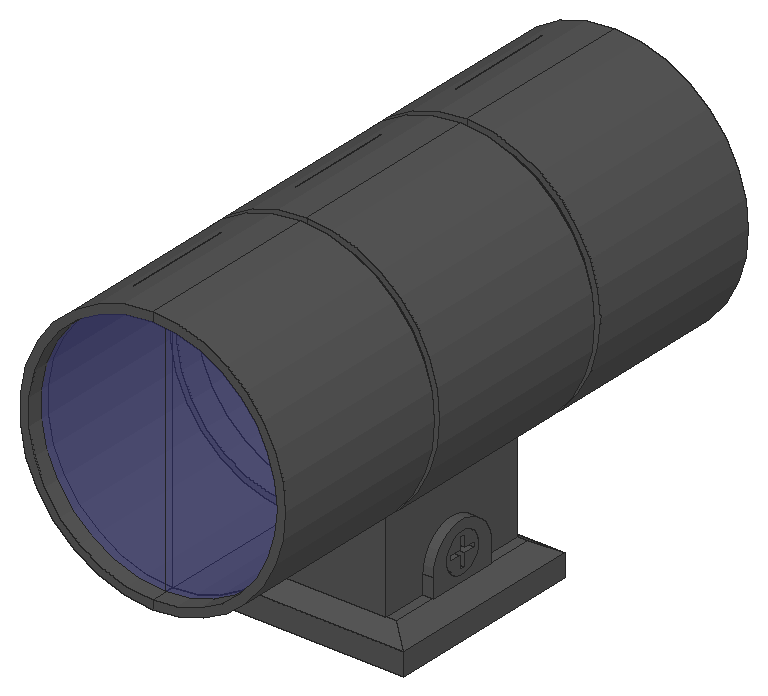
Revit family "CARLO CYLINDER LIGHT WALL MOUNT", category Lighting Fixtures, host Face, Revit 2020 (continued)
Types (10): name | Wattage_Input | Wattage Comments | Wattage | Photometric Web File | built-in parameter 1150142 | Model | built-in parameter 1150105 | Lumens | Light Length 1 | LIGHT RADIUS | LIGHT PLACEMENT | LIGHT LENGTH | LIGHT DIA | built-in parameter 1150106 | FIXED END HEIGHT | Curve base Height | Base Curve | BEAMING ANGLE | Apparent Load
     1840 1863.5 1885.3 \r\n 1905.4 1923.7 1939.9 1953.7 1965.7 1976.7 1986.6 1995.4 2002.8 2008.8 \r\n 2013.2 \r\n2008.1 2014.1 2013.8 2012.1 2009.3 2005.4 2000.1 1993 1983.7 1972 \r\n 1957.8 1940.9 1921.9 1901.2 1878.5 1853.5 1826.1 1796.9 1764.6 1727.2 \r\n 1686.7 1644.5 1600.4 1554.1 1506.2 1457.7 1407.3 1354.1 1299.1 1242.2 \r\n 1184.8 1129.1 1073.2 1015.4 957.24 899.92 843.64 788.95 735.95 684.58 \r\n 635.91 590.66 549.73 514.67 484.3 458.19 435.75 416.3 399.65 385.46 \r\n 373.48 363.31 355.11 349.16 344.69 341.06 338.22 335.96 334.09 332.48 \r\n 330.73 328.45 325.6 321.95 317.7 312.81 307.83 303.23 299.19 296.21 \r\n 293.78 291.62 289.5 287.24 284.45 281.78 275.94 262.44 245.51 228.52 \r\n 209.53 186.96 163.13 139.98 117 93.763 71.911 52.493 36.874 27.582 \r\n 22.176 19.479 18.231 16.541 15.136 14.166 13.471 12.966 12.568 12.147 \r\n 11.761 11.438 11.143 10.852 10.563 10.271 9.9549 9.5752 9.1821 8.8171 \r\n 8.4665 8.1298 7.8087 7.5146 7.2186 6.8835 6.5457 6.2381 5.9343 5.6106 \r\n 5.292 5 4.7217 4.4525 4.1886 3.921 3.6603 3.4185 3.1821 2.9337 \r\n 2.6968 2.4976 2.3105 2.1112 1.9208 1.7573 1.6047 1.4505 1.3028 1.1642 \r\n 1.0385 0.93125 0.83917 0.76119 0.69598 0.64305 0.59888 0.55993 0.5258 0.4947 \r\n 0.46733 0.44519 0.42415 0.40017 0.37642 0.35521 0.33511 0.3151 0.29636 0.27998 \r\n 0.26511 0.24989 0.23846 0.23601 0.23754 0.24149 0.2427 0.23232 0.21977 0.21897 \r\n 0.20753 0.1577 0.099529 0.054494 0.020645 0.0065843 0.0021209 0 0.000017 0 \r\n 0 0 0 0 0.00013542 0.0048932 0.012038 0.01583 0.031274 0.081254 \r\n 0.13639 0.17227 0.19693 0.20689 0.21234 0.22443 0.23675 0.24582 0.25401 0.26275 \r\n 0.27128 0.27876 0.28691 0.29789 0.3095 0.3192 0.33007 0.34489 0.36193 0.37999 \r\n 0.40034 0.4243 0.45068 0.47999 0.51266 0.54857 0.59001 0.63735 0.69634 0.77634 \r\n 0.86701 0.95498 1.0587 1.1999 1.3555 1.5046 1.6629 1.8444 2.0326 2.2108 \r\n 2.3937 2.592 2.8021 3.0264 3.257 3.4799 3.7156 3.9914 4.272 4.5143 \r\n 4.7685 5.09 5.4196 5.7007 5.9807 6.2955 6.6223 6.9519 7.2787 7.5855 \r\n 7.8973 8.2404 8.5945 8.946 9.3023 9.6734 10.037 10.358 10.688 11.086 \r\n 11.49 11.84 12.193 12.587 13.024 13.468 14.073 15.023 16.2 17.486 \r\n 19.065 20.062 23.528 32.658 46.147 64.338 85.487 108.24 131.77 154.54 \r\n 177.28 201.12 223.24 240.54 254.9 267.77 277.42 281.52 283.4 285.86 \r\n 288.09 290.12 292.24 294.73 297.7 301.59 305.69 309.37 312.76 315.68 \r\n 318.51 321.72 324.89 327.75 330.41 332.79 335.29 338.16 341.89 347.01 \r\n 353.6 361.77 371.94 384.34 399.64 418.55 441.15 467.47 498.42 535.16 \r\n 576.99 624.01 674.94 728.48 784.8 843.89 904.9 967.56 1030.1 1090.5 \r\n 1149.3 1206.4 1261.7 1315.4 1366.8 1415.3 1461.2 1504.8 1546.2 1585.5 \r\n 1623.2 1660.7 1696.5 1729.7 1760.5 1788.8 1815.1 1840.1 1863.4 1885 \r\n 1905 1923.3 1939.6 1953.3 1965.3 1976.3 1986.1 1995.1 2002.8 2008.8 \r\n 2013.2 \r\n2008.1 2014.2 2014 2012.6 2010 2006.5 2001.5 1994.6 1985.4 1973.5 \r\n 1959.3 1942.8 1924.1 1903.7 1881.1 1856.2 1828.9 1799.6 1767 1729.1 \r\n 1688.1 1646 1601.7 1554.5 1505.6 1455.9 1404.6 1350.9 1295.9 1240.1 \r\n 1184.1 1129 1073.5 1016.2 958.52 901.24 844.79 789.74 736.45 685.25 \r\n 636.81 591.53 550.54 515.49 485.11 458.87 436.26 416.68 399.94 385.75 \r\n 373.81 363.71 355.56 349.53 344.99 341.45 338.68 336.34 334.38 332.84 \r\n 331.12 328.53 325.4 321.87 317.78 312.77 307.64 303.1 299.15 296.22 \r\n 293.83 291.7 289.6 287.31 284.49 281.73 276.01 263.41 247.16 229.44 \r\n 209.47 186.54 162.61 139.67 116.94 93.684 71.757 52.308 36.705 27.54 \r\n 22.281 19.676 18.477 16.762 15.309 14.312 13.599 13.089 12.69 12.262 \r\n 11.866 11.529 11.22 10.922 10.624 10.31 9.9733 9.5842 9.1878 8.8249 \r\n 8.4793 8.1479 7.8315 7.5384 7.2425 6.909 6.5724 6.2645 5.9595 5.6333 \r\n 5.3123 5.0208 4.7415 4.4641 4.192 3.9233 3.6635 3.4221 3.1854 2.934 \r\n 2.6945 2.4972 2.3116 2.1076 1.9133 1.7549 1.6085 1.4539 1.3055 1.171 \r\n 1.0498 0.94454 0.85336 0.77565 0.71018 0.65674 0.61166 0.5711 0.53541 0.50374 \r\n 0.47595 0.45257 0.43066 0.40811 0.38592 0.36433 0.34361 0.32396 0.30581 0.29014 \r\n 0.2755 0.25898 0.24599 0.24284 0.24402 0.24787 0.24923 0.23918 0.22741 0.22927 \r\n 0.2189 0.163 0.099253 0.05766 0.027928 0.011282 0.0031596 0.000046 0.000025 0 \r\n 0 0 0 0 0.000077 0.002808 0.0068169 0.0054973 0.017114 0.067919 \r\n 0.12734 0.17311 0.20659 0.21599 0.21851 0.23049 0.24269 0.25015 0.25629 0.26313 \r\n 0.26988 0.27614 0.2828 0.29106 0.29963 0.30636 0.31497 0.32955 0.34687 0.36431 \r\n 0.38416 0.40842 0.43536 0.46426 0.49629 0.53167 0.57258 0.6195 0.67785 0.75609 \r\n 0.84552 0.93505 1.0403 1.18 1.3339 1.4831 1.6423 1.8259 2.0158 2.1922 \r\n 2.3742 2.5783 2.7935 3.0144 3.2401 3.4618 3.6976 3.9747 4.2559 4.4949 \r\n 4.7467 5.0728 5.4075 5.6886 5.9681 6.2871 6.6155 6.9359 7.2516 7.5534 \r\n 7.8614 8.1975 8.5464 8.9007 9.2591 9.6237 9.9772 10.283 10.601 11.006 \r\n 11.421 11.774 12.13 12.53 12.985 13.476 14.128 15.094 16.274 17.56 \r\n 19.137 20.16 23.605 32.524 45.844 64.139 85.512 108.64 132.36 154.63 \r\n 176.83 200.93 223.16 239.27 252.67 266.5 277.4 281.68 283.45 285.89 \r\n 288.1 290.15 292.3 294.79 297.77 301.66 305.77 309.55 313.02 315.88 \r\n 318.57 321.49 324.47 327.53 330.49 333.01 335.63 338.67 342.53 347.65 \r\n 354.22 362.5 372.77 385.12 400.32 419.08 441.55 467.82 498.71 535.26 \r\n 576.93 624.02 675.08 728.67 785 844.03 905.03 967.85 1030.6 1091 \r\n 1149.9 1207.4 1263.1 1316.9 1368.3 1416.9 1462.9 1506.4 1547.5 1586.7 \r\n 1624.4 1661.9 1697.8 1730.8 1761.4 1789.5 1815.5 1840.3 1863.5 1884.9 \r\n 1904.7 1923 1939.3 1953.1 1965.1 1975.9 1985.7 1994.9 2002.7 2008.8 \r\n 2013.2 \r\n2008.1 2014.3 2014.2 2013 2010.7 2007.6 2002.9 1996.1 1987 1975.1 \r\n 1960.9 1944.6 1926.2 1906.1 1883.7 1858.9 1831.6 1802.2 1769.4 1731 \r\n 1689.5 1647.3 1602.8 1555 1505.1 1454.5 1402.5 1348.5 1293.6 1239 \r\n 1184.2 1129.6 1074.5 1017.8 960.55 903.29 846.65 791.2 737.55 686.41 \r\n 638.1 592.73 551.61 516.48 486.02 459.59 436.8 417.09 400.26 386.05 \r\n 374.15 364.13 356.03 349.95 345.35 341.87 339.16 336.74 334.69 333.18 \r\n 331.44 328.54 325.14 321.74 317.83 312.69 307.43 302.95 299.1 296.23 \r\n 293.87 291.77 289.68 287.37 284.53 281.71 276.1 264.3 248.66 230.32 \r\n 209.5 186.29 162.31 139.51 116.95 93.688 71.708 52.223 36.614 27.526 \r\n 22.369 19.858 18.723 16.987 15.486 14.457 13.719 13.205 12.807 12.373 \r\n 11.969 11.618 11.295 10.99 10.682 10.347 9.9891 9.5927 9.195 8.8335 \r\n 8.4915 8.1653 7.8535 7.561 7.2647 6.9319 6.5961 6.2883 5.9826 5.6545 \r\n 5.3314 5.0393 4.7579 4.4723 4.1924 3.9225 3.6635 3.4226 3.1859 2.9322 \r\n 2.6907 2.4954 2.3113 2.1032 1.9058 1.7523 1.6116 1.4567 1.3076 1.1767 \r\n 1.0596 0.95618 0.86581 0.78811 0.72213 0.66811 0.62216 0.58009 0.54301 0.51096 \r\n 0.48289 0.45831 0.43558 0.41453 0.39395 0.37192 0.3505 0.33125 0.31381 0.299 \r\n 0.28485 0.26751 0.25337 0.24943 0.24999 0.25334 0.25456 0.24493 0.23406 0.23822 \r\n 0.22864 0.16711 0.098254 0.059969 0.034206 0.015343 0.0039917 0.00012529 0.000032 0 \r\n 0 0 0 0 0.000023 0.00083735 0.0020021 0 0.0048236 0.056118 \r\n 0.1189 0.17279 0.2136 0.22279 0.22313 0.23504 0.24708 0.25322 0.2577 0.26302 \r\n 0.26832 0.27352 0.27885 0.28465 0.29053 0.29483 0.30168 0.31611 0.33369 0.35063 \r\n 0.37005 0.39447 0.4218 0.45041 0.48203 0.51722 0.55793 0.60454 0.66228 0.7389 \r\n 0.82727 0.91864 1.0256 1.1637 1.3155 1.4645 1.6242 1.8092 2.0002 2.1754 \r\n 2.3572 2.5665 2.786 3.0038 3.225 3.4459 3.6819 3.9599 4.2417 4.4785 \r\n 4.7286 5.0573 5.3954 5.6771 5.9568 6.2791 6.6084 6.9202 7.2258 7.5231 \r\n 7.8272 8.1558 8.4989 8.855 9.215 9.5737 9.9175 10.208 10.515 10.924 \r\n 11.348 11.701 12.059 12.464 12.935 13.473 14.172 15.152 16.335 17.622 \r\n 19.199 20.254 23.687 32.416 45.576 63.949 85.498 108.92 132.81 154.69 \r\n 176.48 200.72 222.98 238.17 250.86 265.47 277.37 281.81 283.51 285.94 \r\n 288.13 290.2 292.37 294.87 297.85 301.74 305.88 309.75 313.29 316.09 \r\n 318.65 321.29 324.08 327.38 330.67 333.33 336.07 339.28 343.28 348.4 \r\n 354.96 363.4 373.81 386.13 401.22 419.87 442.22 468.44 499.27 535.65 \r\n 577.17 624.29 675.41 729.01 785.32 844.29 905.23 968.14 1031 1091.5 \r\n 1150.4 1208.2 1264.2 1317.9 1369.3 1418.1 1464.3 1507.6 1548.6 1587.6 \r\n 1625.3 1662.9 1698.9 1731.8 1762.2 1790 1815.9 1840.5 1863.5 1884.8 \r\n 1904.5 1922.7 1939.1 1952.9 1964.9 1975.7 1985.4 1994.7 2002.8 2008.8 \r\n 2013.2 \r\n2008.1 2014.5 2014.6 2013.6 2011.5 2008.7 2004.3 1997.9 1989.1 1977.5 \r\n 1963.5 1947.4 1929.2 1909.3 1887.1 1862.4 1835.2 1805.9 1772.9 1734.3 \r\n 1692.5 1649.9 1605.1 1556.9 1506.8 1455.9 1403.8 1350 1295.4 1241.5 \r\n 1187.4 1133.1 1078.2 1021.9 964.92 907.72 850.93 795.07 740.95 689.47 \r\n 640.84 595.16 553.7 518.21 487.39 460.66 437.63 417.8 400.93 386.73 \r\n 374.85 364.85 356.76 350.63 345.98 342.46 339.72 337.25 335.13 333.5 \r\n 331.61 328.45 324.84 321.48 317.66 312.51 307.25 302.89 299.19 296.34 \r\n 293.98 291.88 289.8 287.52 284.72 281.95 276.41 264.74 249.25 231.04 \r\n 210.36 187.29 163.35 140.35 117.58 94.328 72.392 52.845 37.109 27.782 \r\n 22.425 19.954 18.909 17.166 15.632 14.559 13.784 13.274 12.889 12.454 \r\n 12.045 11.686 11.354 11.043 10.728 10.378 10.008 9.6112 9.2162 8.854 \r\n 8.5116 8.1873 7.8771 7.5835 7.2852 6.9508 6.6138 6.3061 6.0008 5.6731 \r\n 5.3489 5.0516 4.7637 4.4721 4.1872 3.9151 3.6555 3.415 3.1788 2.9242 \r\n 2.6823 2.489 2.3067 2.0974 1.899 1.7486 1.6112 1.4569 1.3076 1.1773 \r\n 1.0608 0.9577 0.86712 0.78781 0.7202 0.66599 0.6202 0.57793 0.54067 0.50875 \r\n 0.48076 0.45569 0.43274 0.41281 0.39328 0.37065 0.34852 0.3296 0.31298 0.2995 \r\n 0.28664 0.27005 0.25606 0.25126 0.2505 0.25225 0.25229 0.24303 0.2331 0.23853 \r\n 0.22952 0.16571 0.094758 0.057873 0.034073 0.015487 0.0039912 0.00013334 0.000032 0 \r\n 0 0 0 0 0.000009 0.00027062 0.0008042 0 0.0029883 0.052145 \r\n 0.11297 0.16695 0.20853 0.21835 0.21934 0.23174 0.24423 0.25084 0.25579 0.26164 \r\n 0.26734 0.27258 0.27774 0.28321 0.28868 0.29258 0.2991 0.31343 0.33105 0.3482 \r\n 0.36777 0.39188 0.41894 0.44778 0.47993 0.5161 0.55765 0.60428 0.66163 0.73738 \r\n 0.82518 0.91771 1.0256 1.162 1.3116 1.4591 1.6175 1.8004 1.99 2.1663 \r\n 2.3496 2.5592 2.7784 2.9949 3.215 3.4362 3.6727 3.9501 4.2314 4.4698 \r\n 4.7207 5.0455 5.3797 5.6627 5.9443 6.2654 6.5927 6.9027 7.2062 7.5011 \r\n 7.8018 8.124 8.4613 8.8174 9.1781 9.5342 9.8741 10.16 10.461 10.868 \r\n 11.288 11.634 11.987 12.391 12.868 13.436 14.161 15.134 16.304 17.592 \r\n 19.167 20.221 23.605 32.149 45.113 63.413 84.915 108.23 132.05 154.06 \r\n 176 200.24 222.51 237.84 250.68 265.33 277.24 281.74 283.49 285.92 \r\n 288.11 290.2 292.4 294.87 297.8 301.61 305.68 309.61 313.21 315.97 \r\n 318.46 321 323.8 327.43 331.09 333.85 336.63 339.97 344.09 349.25 \r\n 355.84 364.35 374.78 387 401.91 420.34 442.49 468.62 499.36 535.5 \r\n 576.77 623.7 674.66 728.14 784.37 843.33 904.29 967.15 1030 1090.5 \r\n 1149.5 1207.3 1263.3 1317.1 1368.5 1417.4 1463.7 1507.1 1548.3 1587.3 \r\n 1624.9 1662.6 1698.6 1731.6 1762.1 1790 1815.8 1840.3 1863.1 1884.3 \r\n 1904 1922.1 1938.5 1952.4 1964.6 1975.4 1985.2 1994.6 2002.7 2008.8 \r\n 2013.2 \r\n2008.1 2014.7 2015.1 2014.3 2012.4 2009.8 2005.8 1999.9 1991.7 1980.6 \r\n 1967 1951 1933 1913.2 1891.2 1866.7 1839.7 1810.4 1777.5 1738.8 \r\n 1696.8 1653.8 1608.6 1560.4 1510.6 1460.2 1408.6 1355.4 1301.4 1247.6 \r\n 1193.5 1139.3 1084.5 1028.3 971.43 914.3 857.44 801.19 746.49 694.29 \r\n 644.93 598.7 556.73 520.61 489.2 462.05 438.73 418.81 401.95 387.77 \r\n 375.92 365.87 357.71 351.55 346.85 343.2 340.33 337.85 335.68 333.8 \r\n 331.61 328.26 324.51 321.09 317.29 312.22 307.11 302.95 299.42 296.58 \r\n 294.17 292.05 289.97 287.77 285.07 282.45 276.94 264.71 248.89 231.6 \r\n 212.02 189.47 165.67 142.15 118.79 95.582 73.783 54.145 38.167 28.294 \r\n 22.445 19.955 19.019 17.286 15.737 14.612 13.79 13.291 12.93 12.501 \r\n 12.091 11.729 11.392 11.078 10.76 10.405 10.031 9.6397 9.2512 8.8866 \r\n 8.5397 8.2137 7.902 7.6055 7.3038 6.9654 6.6253 6.3176 6.0136 5.6886 \r\n 5.3644 5.0577 4.7593 4.4639 4.1771 3.9022 3.6405 3.4 3.1647 2.9107 \r\n 2.6697 2.4782 2.2981 2.0902 1.8932 1.7438 1.6074 1.4543 1.3054 1.1726 \r\n 1.0531 0.94887 0.85707 0.77469 0.70448 0.65048 0.60588 0.56469 0.52847 0.49712 \r\n 0.46954 0.44474 0.4222 0.40295 0.38385 0.36054 0.33773 0.31906 0.30333 0.29152 \r\n 0.28064 0.26628 0.25371 0.24803 0.24536 0.2445 0.24244 0.23344 0.22442 0.23006 \r\n 0.2214 0.15879 0.088892 0.051474 0.027567 0.011726 0.0031581 0.000068 0.000025 0 \r\n 0 0 0 0 0.000037 0.0011583 0.0033128 0.0015273 0.011614 0.056148 \r\n 0.10987 0.15593 0.19166 0.2029 0.20729 0.22072 0.23424 0.24309 0.25061 0.25903 \r\n 0.26697 0.27335 0.27952 0.28685 0.29425 0.29973 0.30734 0.32163 0.33908 0.35716 \r\n 0.37747 0.40082 0.42698 0.45653 0.49009 0.52834 0.5717 0.61865 0.67582 0.7515 \r\n 0.83923 0.93212 1.0399 1.1748 1.3222 1.4671 1.6221 1.7999 1.9858 2.1653 \r\n 2.3516 2.5565 2.7706 2.9879 3.2103 3.433 3.6701 3.9453 4.2253 4.469 \r\n 4.7231 5.0375 5.361 5.646 5.931 6.2465 6.5689 6.884 7.1936 7.4885 \r\n 7.7864 8.1034 8.4357 8.7899 9.1503 9.5073 9.8492 10.14 10.443 10.839 \r\n 11.246 11.578 11.918 12.314 12.788 13.366 14.095 15.04 16.18 17.471 \r\n 19.042 20.062 23.364 31.737 44.483 62.563 83.798 106.61 130.16 152.79 \r\n 175.42 199.53 221.77 238.27 252.09 266.05 277.02 281.47 283.38 285.84 \r\n 288.04 290.16 292.37 294.79 297.62 301.25 305.16 309.1 312.75 315.5 \r\n 318 320.64 323.63 327.68 331.72 334.53 337.27 340.7 344.92 350.17 \r\n 356.82 365.32 375.67 387.69 402.36 420.49 442.36 468.36 498.96 534.83 \r\n 575.76 622.26 672.83 726.07 782.18 841.21 902.23 964.9 1027.5 1088.1 \r\n 1147.2 1204.7 1260.5 1314.3 1365.9 1414.8 1461.3 1505 1546.4 1585.6 \r\n 1623.3 1661 1697 1730.2 1761 1789.2 1815.2 1839.5 1862.2 1883.5 \r\n 1903.2 1921.2 1937.5 1951.6 1964.1 1975.2 1985.1 1994.4 2002.4 2008.6 \r\n 2013.2 \r\n2008.1 2015 2015.6 2014.9 2013.2 2010.8 2007.1 2001.7 1994.1 1983.5 \r\n 1970.3 1954.4 1936.4 1916.8 1895 1870.7 1843.8 1814.5 1781.6 1743 \r\n 1701 1657.4 1611.7 1563.8 1514.5 1464.8 1413.9 1361.5 1308.1 1254.3 \r\n 1200 1145.9 1091.1 1034.9 978.09 921.01 864.08 807.45 752.18 699.18 \r\n 649.02 602.22 559.73 522.96 490.96 463.41 439.84 419.86 403.01 388.85 \r\n 377 366.89 358.67 352.48 347.73 343.93 340.9 338.4 336.16 333.98 \r\n 331.47 327.97 324.14 320.66 316.86 311.92 306.98 303.04 299.67 296.83 \r\n 294.37 292.22 290.14 288.02 285.43 282.97 277.46 264.57 248.33 232.03 \r\n 213.67 191.7 168.05 143.98 120.01 96.847 75.198 55.463 39.229 28.793 \r\n 22.434 19.913 19.083 17.368 15.817 14.646 13.781 13.293 12.956 12.532 \r\n 12.124 11.761 11.422 11.105 10.784 10.426 10.051 9.6685 9.2872 8.9196 \r\n 8.5672 8.2391 7.9253 7.6253 7.3196 6.9768 6.6333 6.3258 6.0233 5.7012 \r\n 5.3772 5.0611 4.7525 4.454 4.1661 3.8887 3.6252 3.3842 3.1494 2.8966 \r\n 2.6572 2.4673 2.2889 2.0833 1.8881 1.7391 1.6026 1.4506 1.302 1.1664 \r\n 1.0435 0.93776 0.8446 0.75932 0.68674 0.63295 0.58951 0.5495 0.51442 0.48373 \r\n 0.45663 0.43229 0.4103 0.39161 0.3728 0.34893 0.32558 0.30714 0.2922 0.28188 \r\n 0.2729 0.26101 0.25016 0.24369 0.2391 0.2356 0.23138 0.22264 0.21447 0.21984 \r\n 0.21125 0.15067 0.082686 0.044524 0.020176 0.0073716 0.0021185 0 0.000017 0 \r\n 0 0 0 0 0.000072 0.0023116 0.0064956 0.0093274 0.022127 0.062143 \r\n 0.10829 0.14472 0.17302 0.18582 0.19413 0.20854 0.22302 0.23434 0.24477 0.25606 \r\n 0.26652 0.27425 0.28167 0.29126 0.30103 0.3086 0.31771 0.33206 0.34937 0.36853 \r\n 0.3897 0.41223 0.43737 0.46765 0.50268 0.5431 0.5884 0.6357 0.69274 0.76856 \r\n 0.85643 0.9496 1.0572 1.1907 1.3359 1.4782 1.6299 1.802 1.9839 2.1669 \r\n 2.3566 2.5559 2.764 2.9826 3.2081 3.4324 3.6702 3.943 4.2215 4.4715 \r\n 4.7295 5.0326 5.3441 5.6313 5.9199 6.2291 6.5462 6.8678 7.1849 7.4804 \r\n 7.776 8.0888 8.4166 8.7682 9.1278 9.4867 9.8321 10.13 10.436 10.82 \r\n 11.21 11.527 11.855 12.241 12.709 13.291 14.019 14.933 16.042 17.338 \r\n 18.91 19.899 23.136 31.4 43.98 61.817 82.74 105.01 128.27 151.64 \r\n 175.04 198.85 220.92 238.76 253.75 266.92 276.8 281.18 283.27 285.76 \r\n 287.99 290.14 292.34 294.72 297.44 300.88 304.64 308.56 312.24 314.99 \r\n 317.54 320.32 323.54 327.97 332.35 335.19 337.92 341.43 345.75 351.11 \r\n 357.83 366.35 376.64 388.52 402.98 420.86 442.5 468.37 498.82 534.46 \r\n 575.07 621.12 671.26 724.25 780.22 839.29 900.34 962.77 1025.1 1085.7 \r\n 1144.8 1202 1257.4 1311.3 1363 1411.9 1458.4 1502.5 1544.3 1583.6 \r\n 1621.5 1659.1 1695.2 1728.7 1759.8 1788.4 1814.7 1838.9 1861.4 1882.8 \r\n 1902.6 1920.5 1936.7 1951 1963.8 1975 1985.1 1994
